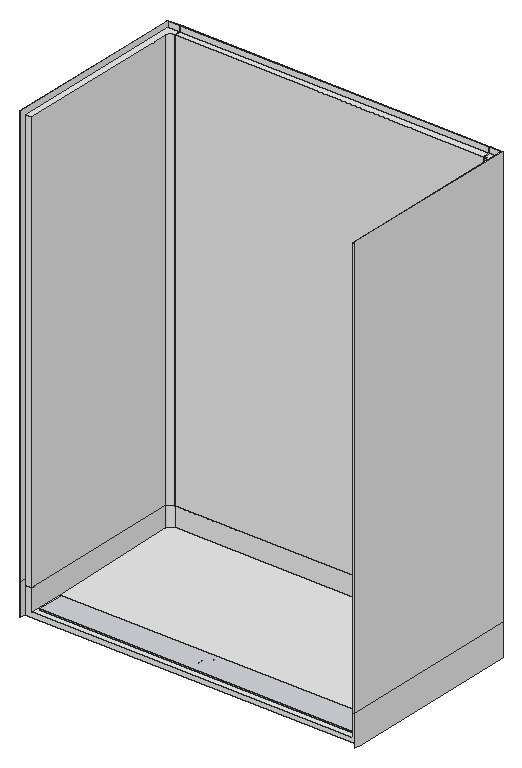
Revit family "5LRS26032FB75FTB.V3,FB2FTB.V3", category Plumbing Fixtures, Revit 2019
Family settings
  Round Connector Dimension = Use Diameter
  Part Type = Normal
  OmniClass Number = 23.45.05.14.17
  OmniClass Title = Showers
  Work Plane-Based = No
  Always vertical = Yes
  Cut with Voids When Loaded = No
  Shared = No
  Room Calculation Point = No
Parameters (values of type "5LES26032FB75FTB.V3")
  Unit Width = 60"
  Unit Height = 81 1/4"
  Pan Height = 5 3/4"
  Unit Depth = 33"
  URL = "http://www.bestbath.com"
  Type Comments = "Barrier Free"
  Threshold Height = 3/4"
  Model = "5LES26032FB75FTB.V3"
  Material [instance] = Best Bath Gelcoat Fiberglass - RealTile
  Manufacturer = "Best Bath Systems, Inc."
  Keynote = "22 40 00.B3"
  Description = "Real Tile, Beveled Threshold"
  Assembly Code = "D2010710"
Types (3): name | Unit Height | Pan Height | Threshold Height | Model
  (no name) | 81 1/4" | 5 3/4" | 3/4" | "5LES26032FB75FTB.V3"
  5LES26032FB75FTB.V3 | 81 1/4" | 5 3/4" | 3/4" | "5LES26032FB75FTB.V3"
  5LES26032FB2FTB.V3 | 82 1/2" | 7" | 2" | "5LES26032FB2FTB.V3"
Reference planes (in)
  plane 1 "Back": y = 6.43613
  plane 2: z = 0
  plane 3 "Left": x = 0
  plane 4: x = 60
  plane 5: z = 4.75
  plane 6: z = 0.75
  plane 7: z = 5.75
  plane 8: x = 30
  plane 9: y = -26.56387
  plane 10: y = -19.31387
  plane 11: z = 1.5
  plane 12: y = -25.56387
  plane 13: y = -21.81387
  plane 14: z = 0.875
  plane 15: y = -21.81387
  plane 16: z = 81.25
  plane 17: z = 80.25
  plane 18: z = 42.75
  plane 19: y = -21.81387
Forms (in)
  Extrusion 1, solid, material "Best Bath Gelcoat Fiberglass - Smooth"
    sketch origin (0, 0, 0) x (1, 0, 0) y (0, 1, 0)
      loop
        line (0, 6.43613) -> (0, -26.56387) -> (0.125, -26.56387) -> (0.125, 6.31113) -> (59.875, 6.31113) -> (59.875, -26.56387) -> (60, -26.56387) -> (60, 6.43613) -> (0, 6.43613)
    from 0 to 5.75
  Extrusion 2, solid, material "Best Bath Gelcoat Fiberglass - Smooth"
    sketch origin (0, 0, 0) x (0, 1, 0) y (0, 0, 1)
      loop
        line (-19.31387, 0.75) -> (5.18613, 0.75) -> (5.18613, 1.25) -> (-19.31387, 0.75)
    from 0 to 60
  Extrusion 3, solid, material "Best Bath Gelcoat Fiberglass - Smooth"
    sketch origin (0, 0, 0) x (1, 0, 0) y (0, 1, 0)
      loop
        line (0, 6.43613) -> (0, -25.56387) -> (59.875, -25.56387) -> (59.875, 6.43613) -> (0, 6.43613)
      loop
        circle (30, -21.81387) r 1.5
    from 0 to 0.75
  Extrusion 4, solid, material "Best Bath Gelcoat Fiberglass - Smooth"
    sketch origin (0, 0, 0) x (1, 0, 0) y (0, 1, 0)
      loop
        line (0, 6.43613) -> (0, -25.56387) -> (1.25, -25.56387) -> (1.25, 4.18613)
        arc (1.25, 4.18613) -> (1.54289, 4.89323) -> (2.25, 5.18613) r 1
        line (2.25, 5.18613) -> (57.75, 5.18613)
        arc (57.75, 5.18613) -> (58.45711, 4.89323) -> (58.75, 4.18613) r 1
        line (58.75, 4.18613) -> (58.75, -25.56387) -> (60, -25.56387) -> (60, 6.43613) -> (0, 6.43613)
    from 0 to 4.75
  Extrusion 5, solid
    sketch origin (0, 0, 0) x (1, 0, 0) y (0, 1, 0)
      loop
        line (1.75, -19.31387) -> (1.75, -24.31387) -> (58.25, -24.31387) -> (58.25, -19.31387) -> (1.75, -19.31387)
    from 0.40753 to 0.875
  Extrusion 6, solid, material "Best Bath Gelcoat Fiberglass - Smooth"
    sketch origin (0, 0, 0) x (1, 0, 0) y (0, 1, 0)
      loop
        line (1.25, -25.56387) -> (1.25, 4.17034)
        arc (1.25, 4.17034) -> (1.54289, 4.87745) -> (2.25, 5.17034) r 1
        line (2.25, 5.17034) -> (2.25, 6.31113) -> (0.125, 6.31113) -> (0.125, -25.56387) -> (1.25, -25.56387)
      loop
        line (58.75, -25.56387) -> (59.875, -25.56387) -> (59.875, 6.31113) -> (57.75, 6.31113) -> (57.75, 5.17034)
        arc (57.75, 5.17034) -> (58.45711, 4.87745) -> (58.75, 4.17034) r 1
        line (58.75, 4.17034) -> (58.75, -25.56387)
    from 4.75 to 80.25
  Extrusion 7, solid, material "Best Bath Smoothwall"
    sketch origin (-0.02168, 0, 0) x (1, 0, 0) y (0, 1, 0)
      loop
        line (2.25, 5.18613) -> (57.75, 5.18613) -> (57.75, 6.31113) -> (2.25, 6.31113) -> (2.25, 5.18613)
    from 4.75 to 80.25
  Extrusion 8, solid, material "Best Bath Gelcoat Fiberglass - Smooth"
    sketch origin (0, 0, 0) x (1, 0, 0) y (0, 1, 0)
      loop
        line (0, -26.56387) -> (0.125, -26.56387) -> (0.125, 6.31113) -> (2.25, 6.31113) -> (2.25, 6.43613) -> (0, 6.43613) -> (0, -26.56387)
      loop
        line (60, -26.56387) -> (60, 6.43613) -> (57.75, 6.43613) -> (57.75, 6.31113) -> (59.875, 6.31113) -> (59.875, -26.56387) -> (60, -26.56387)
    from 5.75 to 81.25
  Extrusion 9, solid, material "Best Bath Smoothwall"
    sketch origin (-0.02168, 0, 0) x (1, 0, 0) y (0, 1, 0)
      loop
        line (2.25, 6.43613) -> (2.25, 6.31113) -> (57.75, 6.31113) -> (57.75, 6.43613) -> (2.25, 6.43613)
    from 0 to 81.25
Cuts and joins
  joined: Extrusion 1, Extrusion 2, Extrusion 3, Extrusion 4
  joined: Extrusion 6, Extrusion 8
  joined: Extrusion 7, Extrusion 9
Dimensions and locks (in)
  "Unit Width": plane 3 "Left" to plane 4
  "Threshold Height": plane 6 to level
  locked: plane 7 to plane 5 at 1
  "Pan Height": plane 7 to level
  equal spacing: plane 3 "Left", plane 8, plane 4
  "Unit Depth": plane 9 to plane 1 "Back"
  locked: plane 11 to plane 6 at 0.75
  plane 3 "Left" to Extrusion 3 = 59 7/8"
  locked: plane 10 to plane 9 at 7.25
  locked: plane 12 to plane 9 at 1
  plane 13 to plane 9 = 4 3/4"
  locked: plane 14 to plane 6 at 0.125
  locked: plane 10 to plane 15 at 2.5
  "Unit Height": plane 16 to level
  locked: plane 16 to plane 17 at 1
  plane 18 to plane 6 = 42"
  plane 1 "Back" to plane 19 = 28 1/4"
  aligned and locked: level to plane 2
  aligned and locked: Extrusion 2 sketch curve to plane 6
  aligned and locked: plane 6 to Extrusion 3
  aligned and locked: plane 5 to Extrusion 4
  aligned and locked: plane 12 to Extrusion 3 sketch curve
  aligned and locked: plane 12 to Extrusion 4 sketch curve  (x2)
  aligned and locked: plane 7 to Extrusion 1
  aligned and locked: Extrusion 5 sketch curve to plane 10
  aligned and locked: plane 14 to Extrusion 5
  aligned and locked: Extrusion 6 to cut or joined group of Extrusion 1, Extrusion 2, Extrusion 3, Extrusion 4
  aligned and locked: plane 17 to Extrusion 6
  aligned and locked: plane 17 to Extrusion 7
  aligned and locked: plane 16 to Extrusion 8
  aligned and locked: plane 16 to Extrusion 9
  aligned and locked: Extrusion 7 to plane 5
  aligned and locked: Extrusion 8 to plane 7
Automatic sketch dimensions
  plane 3 "Left" to Extrusion 5 sketch curve = 1 3/4"
  plane 4 to Extrusion 5 sketch curve = 1 3/4"
  plane 12 to Extrusion 5 sketch curve = 1 1/4"
  Extrusion 1 sketch curve to plane 3 "Left" = 0"
  Extrusion 1 sketch curve to plane 9 = 0"  (x2)
  Extrusion 1 sketch curve to plane 4 = 0"
  plane 1 "Back" to Extrusion 1 sketch curve = 0"
  plane 3 "Left" to Extrusion 1 sketch curve = 1/8"
  plane 4 to Extrusion 1 sketch curve = 1/8"
  plane 1 "Back" to Extrusion 1 sketch curve = 1/8"
  Extrusion 2 sketch curve to plane 10 = 0"
  Extrusion 2 sketch curve to plane 11 = 1/4"
  plane 1 "Back" to Extrusion 2 sketch curve = 1 1/4"
  Extrusion 3 sketch curve to plane 3 "Left" = 0"
  Extrusion 3 sketch curve to plane 8 = 0"
  plane 1 "Back" to Extrusion 3 sketch curve = 0"
  Extrusion 3 sketch curve to plane 13 = 0"
  plane 4 to Extrusion 3 sketch curve = 1/8"
  plane 1 "Back" to Extrusion 4 sketch curve = 0"
  Extrusion 4 sketch curve to plane 3 "Left" = 0"
  Extrusion 4 sketch curve to plane 4 = 0"
  plane 3 "Left" to Extrusion 4 sketch curve = 1 1/4"
  Extrusion 4 sketch curve to Extrusion 4 sketch curve = 1"
  plane 1 "Back" to Extrusion 4 sketch curve = 1 1/4"
  plane 4 to Extrusion 4 sketch curve = 2 1/4"
  Extrusion 4 sketch curve to Extrusion 4 sketch curve = 1 1/4"
  Extrusion 6 sketch curve to plane 12 = 0"  (x2)
  plane 3 "Left" to Extrusion 6 sketch curve = 1/8"
  Extrusion 6 sketch curve to Extrusion 6 sketch curve = 1 1/8"
  Extrusion 6 sketch curve to Extrusion 6 sketch curve = 1"  (x2)
  plane 4 to Extrusion 6 sketch curve = 2 1/4"
  plane 4 to Extrusion 6 sketch curve = 1/8"
  plane 1 "Back" to Extrusion 6 sketch curve = 2.26579"  (x2)
  plane 1 "Back" to Extrusion 6 sketch curve = 1/8"  (x2)
  plane 1 "Back" to Extrusion 7 sketch curve = 1/8"
  plane 3 "Left" to Extrusion 7 sketch curve = 2.22832"
  plane 4 to Extrusion 7 sketch curve = 2.27168"
  Extrusion 7 sketch curve to Extrusion 7 sketch curve = 1 1/8"
  plane 1 "Back" to Extrusion 8 sketch curve = 0"  (x2)
  Extrusion 8 sketch curve to plane 3 "Left" = 0"
  Extrusion 8 sketch curve to plane 9 = 0"  (x2)
  Extrusion 8 sketch curve to plane 4 = 0"
  plane 3 "Left" to Extrusion 8 sketch curve = 1/8"
  Extrusion 8 sketch curve to Extrusion 8 sketch curve = 2 1/8"
  plane 1 "Back" to Extrusion 8 sketch curve = 1/8"  (x2)
  plane 4 to Extrusion 8 sketch curve = 2 1/4"
  plane 4 to Extrusion 8 sketch curve = 1/8"
  plane 1 "Back" to Extrusion 9 sketch curve = 0"
  plane 1 "Back" to Extrusion 9 sketch curve = 1/8"
  plane 3 "Left" to Extrusion 9 sketch curve = 2.22832"
  plane 4 to Extrusion 9 sketch curve = 2.27168"
  radius of Extrusion 3 sketch curve = 1 1/2"
